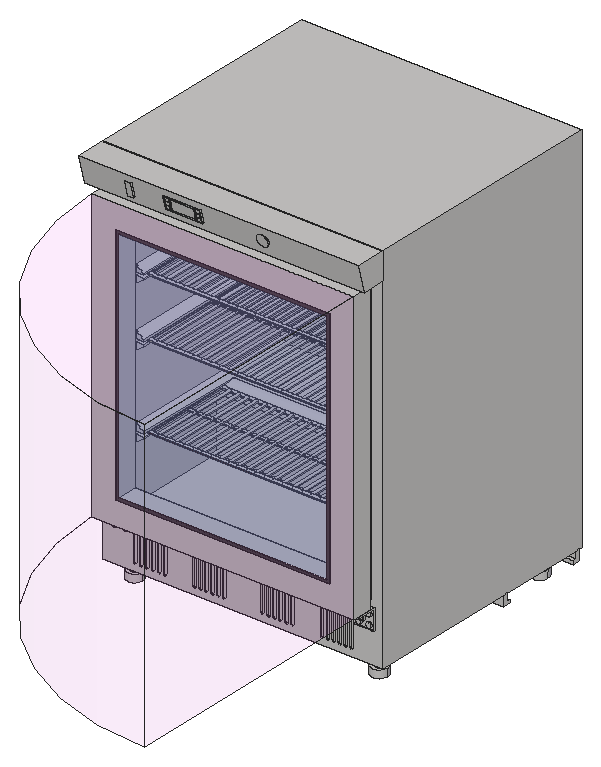
Revit family "QF_Kelvinator_738326_KCHUCGD23F", category Specialty Equipment, Revit 2021
Family settings
  Round Connector Dimension = Use Diameter
  Part Type = Normal
  Work Plane-Based = No
  Always vertical = Yes
  Cut with Voids When Loaded = No
  Shared = No
  Room Calculation Point = No
Parameters
  Weight in Pounds = 114.64
  Weight = 52.00 lbm
  Watts = 0 W
  Volts = 115 V
  URL Manufacturer = "KELVINATOR"
  URL Cutsheet = ""
  URL = "KELVINATOR"
  Specification by User = ""
  Specification by Manufacturer = ""
  Serial Number = ""
  Seismic Rating = ""
  SMACNA No = ""
  Revision Code = ""
  Refrigerant Type = "R290"
  Phase = 1
  Number of Poles = 1
  NAFEM Spec ID Number = ""
  Model = "KCHUCGD23F"
  Min Ckt Ampacity = 0 A
  Max Overcurrent Protection = 0 A
  Masterspec = ""
  Manufacturer = "Kelvinator"
  Length Actual = 600"
  Length = 23 5/8"
  Item Number = "738326"
  Installed By = ""
  Identify Quantity as Lot = yes
  Height Actual = 839"
  Height = 33 1/16"
  HP = "0.9 HP"
  Gas KW = 0
  Furnished By = ""
  Foodservice Equipment Identifier = yes
  FL Amps = 5.5 A
  Electrical Remarks = ""
  Electric Connection Type = ""
  Elec Conn RI Height = 0"
  Elec Conn Connection Height = 0"
  Description = "1-GLASS DOOR ADA HEIGHT UNDER COUNTER FREEZER 24\" LONG"
  Depth Actual = 595"
  Depth = 23 7/16"
  Default Elevation = 0"
  Cycle = 60 Hz
  Conn Plug = "NEMA 5-15P"
  Conn Conduit = yes
  CSI MasterFormat = ""
  Apparent Power = 0 VA
  Accessory = no
Reference planes (in)
  plane 1 "BACK": y = 0
  plane 2: z = 0
  plane 3 "LEFT": x = 0
  plane 4 "RIGHT": x = 23.625
  plane 5 "FRONT": y = -23.4375
  plane 6 "TOP": z = 33.0625
  plane 7 "Center Y": x = 11.8125
  plane 8 "Center X": y = -11.71875
Dimensions and locks (in)
  equal spacing: plane 3 "LEFT", plane 7 "Center Y", plane 4 "RIGHT"
  "Length": plane 3 "LEFT" to plane 4 "RIGHT"
  equal spacing: plane 5 "FRONT", plane 8 "Center X", plane 1 "BACK"
  "Depth": plane 5 "FRONT" to plane 1 "BACK"
  "Height": plane 6 "TOP" to level
  aligned and locked: level to plane 2
Nested families (in)
  nested 1: "KCHRI25R1DRE" at (0, 0, 0), type "KCHRI25R1DRE"
    with Show Clearance yes
Connectors (in)
  electrical at (11.8125, 0.13, 2.5), driven by "Volts", driven by "Watts"
    settings: on nested 1, index 1, voltage 115 V, apparent load 0 VA, apparent load phase1 0 VA, apparent load phase2 0 VA, apparent load phase3 0 VA, power factor 1, load classification "Other", number of poles 1, system type 30, power factor state 1, is connector primary yes, connector utility no, sub classification motor no, connector description ""
Definition of nested family "KCHRI25R1DRE"
  Parameters (values of type "KCHRI25R1DRE")
    Weight in Pounds = 0
    URL Cutsheet = ""
    Specification by User = ""
    Specification by Manufacturer = ""
    Show Clearance [instance] = yes
    Serial Number = ""
    Seismic Rating = ""
    SMACNA No = ""
    Revision Code = ""
    NAFEM Spec ID Number = ""
    Masterspec = ""
    Length = 23 5/8"
    Item Number = ""
    Installed By = ""
    Identify Quantity as Lot = yes
    Height = 33 1/16"
    Furnished By = ""
    Foodservice Equipment Identifier = yes
    Depth = 23 7/16"
    Default Elevation = 0"
    CSI MasterFormat = ""
  Reference planes (in)
    plane 1 "BACK": y = 0
    plane 2: z = 0
    plane 3 "LEFT": x = 0
    plane 4 "RIGHT": x = 23.625
    plane 5 "FRONT": y = -23.4375
    plane 6 "TOP": z = 33.0625
    plane 7 "Center Y": x = 11.8125
    plane 8 "Center X": y = -11.71875
    plane 9: y = -45.07
    plane 10: z = 30.79125
    plane 11: z = 2
    plane 12: y = -20.9
    plane 13: through (0, -24.0379, 35.3373) normal (0, 0.9659, 0.2588)
  Forms (in)
    Extrusion 1, solid
      sketch origin (0, 0, 0) x (0, 1, 0) y (0, 0, 1)
        loop
          line (-20.9, 33.0625) -> (-20.9, 1.5) -> (0, 1.5) -> (0, 33.0625) -> (-20.9, 33.0625)
      from 0 to 23.625
    Extrusion 2, solid
      sketch origin (0, -24.06166, 35.42598) x (0, -0.258819, 0.965926) y (1, 0, 0)
        loop
          line (-3.01321, 6.99749) -> (-3.01321, 10.1471) -> (-4.19431, 10.1471) -> (-4.19431, 6.99749) -> (-3.01321, 6.99749)
        loop
          line (-3.08986, 7.07623) -> (-3.08986, 7.46993) -> (-3.409, 7.46993) -> (-3.409, 7.07623) -> (-3.08986, 7.07623)
        loop
          line (-3.44419, 7.07623) -> (-3.44419, 7.46993) -> (-3.76333, 7.46993) -> (-3.76333, 7.07623) -> (-3.44419, 7.07623)
        loop
          line (-3.79852, 7.07623) -> (-3.79852, 7.46993) -> (-4.11766, 7.46993) -> (-4.11766, 7.07623) -> (-3.79852, 7.07623)
        loop
          line (-3.08986, 10.06836) -> (-3.409, 10.06836) -> (-3.409, 9.67466) -> (-3.08986, 9.67466) -> (-3.08986, 10.06836)
        loop
          line (-3.44419, 10.06836) -> (-3.76333, 10.06836) -> (-3.76333, 9.67466) -> (-3.44419, 9.67466) -> (-3.44419, 10.06836)
        loop
          line (-3.79852, 10.06836) -> (-4.11766, 10.06836) -> (-4.11766, 9.67466) -> (-3.79852, 9.67466) -> (-3.79852, 10.06836)
        loop
          line (-3.08986, 7.54742) -> (-3.08986, 9.59717) -> (-4.11377, 9.59717) -> (-4.11377, 7.54742) -> (-3.08986, 7.54742)
      from -0.01273 to -0.07874
    Extrusion 3, solid
      sketch origin (0, -24.06217, 35.42785) x (0, -0.258819, 0.965926) y (1, 0, 0)
        loop
          line (-3.08986, 9.67466) -> (-3.08986, 10.06836) -> (-3.409, 10.06836) -> (-3.409, 9.67466) -> (-3.08986, 9.67466)
        loop
          line (-3.44419, 9.67466) -> (-3.44419, 10.06836) -> (-3.76333, 10.06836) -> (-3.76333, 9.67466) -> (-3.44419, 9.67466)
        loop
          line (-3.79852, 9.67466) -> (-3.79852, 10.06836) -> (-4.11766, 10.06836) -> (-4.11766, 9.67466) -> (-3.79852, 9.67466)
        loop
          line (-3.08986, 7.46993) -> (-3.409, 7.46993) -> (-3.409, 7.07623) -> (-3.08986, 7.07623) -> (-3.08986, 7.46993)
        loop
          line (-3.44419, 7.46993) -> (-3.76333, 7.46993) -> (-3.76333, 7.07623) -> (-3.44419, 7.07623) -> (-3.44419, 7.46993)
        loop
          line (-3.79852, 7.46993) -> (-4.11766, 7.46993) -> (-4.11766, 7.07623) -> (-3.79852, 7.07623) -> (-3.79852, 7.46993)
      from 0 to -0.07874
    Extrusion 4, solid
      sketch origin (0, -24.06217, 35.42785) x (0, -0.258819, 0.965926) y (1, 0, 0)
        loop
          line (-3.08986, 7.54742) -> (-3.08986, 9.59717) -> (-4.11377, 9.59717) -> (-4.11377, 7.54742) -> (-3.08986, 7.54742)
      from 0 to -0.07874
    Extrusion 5, solid
      sketch origin (0, 0, -4.4425) x (0, 1, 0) y (0, 0, 1)
        loop
          line (-20.9, 37.505) -> (-23.4375, 37.505) -> (-22.83729, 35.23375) -> (-20.9, 35.23375) -> (-20.9, 37.505)
      from 0 to 23.625
    Extrusion 6, solid
      sketch origin (0, -23.71438, 34.12989) x (0, -0.258819, 0.965926) y (1, 0, 0)
        loop
          line (-1.71796, 3.80686) -> (-1.71796, 4.30686) -> (-2.96796, 4.30686) -> (-2.96796, 3.80686) -> (-1.71796, 3.80686)
        loop
          circle (-2.26997, 15.28125) r 0.5
      from -0.07874 to -0.01273
    Extrusion 7, void
      sketch origin (0, -20.9, 1.75) x (0, 0, -1) y (-1, 0, 0)
        loop
          line (-0.5, -2.59375) -> (-3.3125, -2.59375)
          arc (-3.3125, -2.59375) -> (-3.47585, -2.7571) -> (-3.3125, -2.92044) r 0.16335
          line (-3.3125, -2.92044) -> (-0.5, -2.92044)
          arc (-0.5, -2.92044) -> (-0.33665, -2.7571) -> (-0.5, -2.59375) r 0.16335
        loop
          line (-0.5, -3.09375) -> (-3.3125, -3.09375)
          arc (-3.3125, -3.09375) -> (-3.47585, -3.2571) -> (-3.3125, -3.42044) r 0.16335
          line (-3.3125, -3.42044) -> (-0.5, -3.42044)
          arc (-0.5, -3.42044) -> (-0.33665, -3.2571) -> (-0.5, -3.09375) r 0.16335
        loop
          line (-0.5, -3.59375) -> (-3.3125, -3.59375)
          arc (-3.3125, -3.59375) -> (-3.47585, -3.7571) -> (-3.3125, -3.92044) r 0.16335
          line (-3.3125, -3.92044) -> (-0.5, -3.92044)
          arc (-0.5, -3.92044) -> (-0.33665, -3.7571) -> (-0.5, -3.59375) r 0.16335
        loop
          line (-0.5, -4.09375) -> (-3.3125, -4.09375)
          arc (-3.3125, -4.09375) -> (-3.47585, -4.2571) -> (-3.3125, -4.42044) r 0.16335
          line (-3.3125, -4.42044) -> (-0.5, -4.42044)
          arc (-0.5, -4.42044) -> (-0.33665, -4.2571) -> (-0.5, -4.09375) r 0.16335
        loop
          line (-0.5, -4.59375) -> (-3.3125, -4.59375)
          arc (-3.3125, -4.59375) -> (-3.47585, -4.7571) -> (-3.3125, -4.92044) r 0.16335
          line (-3.3125, -4.92044) -> (-0.5, -4.92044)
          arc (-0.5, -4.92044) -> (-0.33665, -4.7571) -> (-0.5, -4.59375) r 0.16335
        loop
          line (-0.5, -5.09375) -> (-3.3125, -5.09375)
          arc (-3.3125, -5.09375) -> (-3.47585, -5.2571) -> (-3.3125, -5.42044) r 0.16335
          line (-3.3125, -5.42044) -> (-0.5, -5.42044)
          arc (-0.5, -5.42044) -> (-0.33665, -5.2571) -> (-0.5, -5.09375) r 0.16335
        loop
          line (-0.5, -7.59375) -> (-3.3125, -7.59375)
          arc (-3.3125, -7.59375) -> (-3.47585, -7.7571) -> (-3.3125, -7.92044) r 0.16335
          line (-3.3125, -7.92044) -> (-0.5, -7.92044)
          arc (-0.5, -7.92044) -> (-0.33665, -7.7571) -> (-0.5, -7.59375) r 0.16335
        loop
          line (-0.5, -8.09375) -> (-3.3125, -8.09375)
          arc (-3.3125, -8.09375) -> (-3.47585, -8.2571) -> (-3.3125, -8.42044) r 0.16335
          line (-3.3125, -8.42044) -> (-0.5, -8.42044)
          arc (-0.5, -8.42044) -> (-0.33665, -8.2571) -> (-0.5, -8.09375) r 0.16335
        loop
          line (-0.5, -8.59375) -> (-3.3125, -8.59375)
          arc (-3.3125, -8.59375) -> (-3.47585, -8.7571) -> (-3.3125, -8.92044) r 0.16335
          line (-3.3125, -8.92044) -> (-0.5, -8.92044)
          arc (-0.5, -8.92044) -> (-0.33665, -8.7571) -> (-0.5, -8.59375) r 0.16335
        loop
          line (-0.5, -9.09375) -> (-3.3125, -9.09375)
          arc (-3.3125, -9.09375) -> (-3.47585, -9.2571) -> (-3.3125, -9.42044) r 0.16335
          line (-3.3125, -9.42044) -> (-0.5, -9.42044)
          arc (-0.5, -9.42044) -> (-0.33665, -9.2571) -> (-0.5, -9.09375) r 0.16335
        loop
          line (-0.5, -9.59375) -> (-3.3125, -9.59375)
          arc (-3.3125, -9.59375) -> (-3.47585, -9.7571) -> (-3.3125, -9.92044) r 0.16335
          line (-3.3125, -9.92044) -> (-0.5, -9.92044)
          arc (-0.5, -9.92044) -> (-0.33665, -9.7571) -> (-0.5, -9.59375) r 0.16335
        loop
          line (-0.5, -10.09375) -> (-3.3125, -10.09375)
          arc (-3.3125, -10.09375) -> (-3.47585, -10.2571) -> (-3.3125, -10.42044) r 0.16335
          line (-3.3125, -10.42044) -> (-0.5, -10.42044)
          arc (-0.5, -10.42044) -> (-0.33665, -10.2571) -> (-0.5, -10.09375) r 0.16335
        loop
          arc (-0.5, -21.15625) -> (-0.33665, -20.9929) -> (-0.5, -20.82956) r 0.16335
          line (-0.5, -20.82956) -> (-3.3125, -20.82956)
          arc (-3.3125, -20.82956) -> (-3.47585, -20.9929) -> (-3.3125, -21.15625) r 0.16335
          line (-3.3125, -21.15625) -> (-0.5, -21.15625)
        loop
          arc (-0.5, -20.65625) -> (-0.33665, -20.4929) -> (-0.5, -20.32956) r 0.16335
          line (-0.5, -20.32956) -> (-3.3125, -20.32956)
          arc (-3.3125, -20.32956) -> (-3.47585, -20.4929) -> (-3.3125, -20.65625) r 0.16335
          line (-3.3125, -20.65625) -> (-0.5, -20.65625)
        loop
          arc (-0.5, -20.15625) -> (-0.33665, -19.9929) -> (-0.5, -19.82956) r 0.16335
          line (-0.5, -19.82956) -> (-3.3125, -19.82956)
          arc (-3.3125, -19.82956) -> (-3.47585, -19.9929) -> (-3.3125, -20.15625) r 0.16335
          line (-3.3125, -20.15625) -> (-0.5, -20.15625)
        loop
          arc (-0.5, -19.65625) -> (-0.33665, -19.4929) -> (-0.5, -19.32956) r 0.16335
          line (-0.5, -19.32956) -> (-3.3125, -19.32956)
          arc (-3.3125, -19.32956) -> (-3.47585, -19.4929) -> (-3.3125, -19.65625) r 0.16335
          line (-3.3125, -19.65625) -> (-0.5, -19.65625)
        loop
          arc (-0.5, -19.15625) -> (-0.33665, -18.9929) -> (-0.5, -18.82956) r 0.16335
          line (-0.5, -18.82956) -> (-3.3125, -18.82956)
          arc (-3.3125, -18.82956) -> (-3.47585, -18.9929) -> (-3.3125, -19.15625) r 0.16335
          line (-3.3125, -19.15625) -> (-0.5, -19.15625)
        loop
          arc (-0.5, -18.65625) -> (-0.33665, -18.4929) -> (-0.5, -18.32956) r 0.16335
          line (-0.5, -18.32956) -> (-3.3125, -18.32956)
          arc (-3.3125, -18.32956) -> (-3.47585, -18.4929) -> (-3.3125, -18.65625) r 0.16335
          line (-3.3125, -18.65625) -> (-0.5, -18.65625)
        loop
          arc (-0.5, -16.15625) -> (-0.33665, -15.9929) -> (-0.5, -15.82956) r 0.16335
          line (-0.5, -15.82956) -> (-3.3125, -15.82956)
          arc (-3.3125, -15.82956) -> (-3.47585, -15.9929) -> (-3.3125, -16.15625) r 0.16335
          line (-3.3125, -16.15625) -> (-0.5, -16.15625)
        loop
          arc (-0.5, -15.65625) -> (-0.33665, -15.4929) -> (-0.5, -15.32956) r 0.16335
          line (-0.5, -15.32956) -> (-3.3125, -15.32956)
          arc (-3.3125, -15.32956) -> (-3.47585, -15.4929) -> (-3.3125, -15.65625) r 0.16335
          line (-3.3125, -15.65625) -> (-0.5, -15.65625)
        loop
          arc (-0.5, -15.15625) -> (-0.33665, -14.9929) -> (-0.5, -14.82956) r 0.16335
          line (-0.5, -14.82956) -> (-3.3125, -14.82956)
          arc (-3.3125, -14.82956) -> (-3.47585, -14.9929) -> (-3.3125, -15.15625) r 0.16335
          line (-3.3125, -15.15625) -> (-0.5, -15.15625)
        loop
          arc (-0.5, -14.65625) -> (-0.33665, -14.4929) -> (-0.5, -14.32956) r 0.16335
          line (-0.5, -14.32956) -> (-3.3125, -14.32956)
          arc (-3.3125, -14.32956) -> (-3.47585, -14.4929) -> (-3.3125, -14.65625) r 0.16335
          line (-3.3125, -14.65625) -> (-0.5, -14.65625)
        loop
          arc (-0.5, -14.15625) -> (-0.33665, -13.9929) -> (-0.5, -13.82956) r 0.16335
          line (-0.5, -13.82956) -> (-3.3125, -13.82956)
          arc (-3.3125, -13.82956) -> (-3.47585, -13.9929) -> (-3.3125, -14.15625) r 0.16335
          line (-3.3125, -14.15625) -> (-0.5, -14.15625)
        loop
          arc (-0.5, -13.65625) -> (-0.33665, -13.4929) -> (-0.5, -13.32956) r 0.16335
          line (-0.5, -13.32956) -> (-3.3125, -13.32956)
          arc (-3.3125, -13.32956) -> (-3.47585, -13.4929) -> (-3.3125, -13.65625) r 0.16335
          line (-3.3125, -13.65625) -> (-0.5, -13.65625)
      from 0 to 0.03
    Extrusion 8, solid
      sketch origin (0, 0, 0) x (0, 1, 0) y (0, 0, 1)
        loop
          line (-0.25, 1.5) -> (-0.55, 1.5) -> (-0.55, 0.9) -> (-0.85, 0.9) -> (-0.85, 0.6) -> (-0.25, 0.6) -> (-0.25, 1.5)
        loop
          line (-8.15042, 1.5) -> (-8.15042, 0.6) -> (-7.55042, 0.6) -> (-7.55042, 0.9) -> (-7.85042, 0.9) -> (-7.85042, 1.5) -> (-8.15042, 1.5)
      from 0 to 23.625
    Extrusion 9, solid
      sketch origin (11.8125, 6.90541, 48.75) x (0, 1, 0) y (0, 0, 1)
        loop
          line (-28.19541, -18.9375) -> (-28.19541, -42.37723) -> (-27.80541, -42.37723) -> (-27.80541, -18.9375) -> (-28.19541, -18.9375)
      from -10.75 to 10.75
    Extrusion 10, solid
      sketch origin (23.225, -180, 5.74631) x (0, 0, 1) y (0, -1, 0)
        loop
          arc (0.13369, -157.43003) -> (0.06869, -157.36503) -> (0.00369, -157.43003) r 0.065
          line (0.00369, -157.43003) -> (0.00369, -158.97) -> (-1.53049, -158.97)
          arc (-1.53049, -158.97) -> (-1.59549, -159.035) -> (-1.53049, -159.1) r 0.065
          line (-1.53049, -159.1) -> (0.13369, -159.1) -> (0.13369, -157.43003)
      from -0.28875 to -1.93696
    Extrusion 11, solid
      sketch origin (23.225, -21.03, 5.88) x (0, 0, -1) y (1, 0, 0)
        loop
          circle (0.48805, -0.65854) r 0.19641
        loop
          circle (0.48805, -1.51195) r 0.2
        loop
          circle (1.33739, -0.65854) r 0.2
        loop
          circle (1.33739, -1.51195) r 0.2
        loop
          line (1.13, -1.16094) -> (1.13, -1.06477) -> (0.13, -1.06477) -> (0.13, -1.16094) -> (1.13, -1.16094)
      from 0 to 0.0825
    Extrusion 12, solid
      sketch origin (0, -20.9, 2.25) x (0, 0, 1) y (-1, 0, 0)
        loop
          circle (3.14195, -1.05854) r 0.19641
        loop
          circle (3.14195, -1.91195) r 0.2
        loop
          circle (2.29261, -1.05854) r 0.2
        loop
          circle (2.29261, -1.91195) r 0.2
      from 0 to 0.0825
    Revolve 13, solid
      sketch origin (0, -19.42, 1.5) x (0, 0, 1) y (1, 0, 0)
        loop
          line (0, 22.125) -> (0, 22.4375) -> (-0.9, 22.4375) -> (-0.9, 22.8125) -> (-1.5, 22.8125) -> (-1.5, 22.125) -> (0, 22.125)
        axis (-1.5, 22.125) -> (0, 22.125)
      angle from 0 to 360
    Revolve 14, solid
      sketch origin (23.625, -19.42, 1.5) x (0, 0, 1) y (1, 0, 0)
        loop
          line (0, -22.125) -> (-1.5, -22.125) -> (-1.5, -22.8125) -> (-0.9, -22.8125) -> (-0.9, -22.4375) -> (0, -22.4375) -> (0, -22.125)
        axis (-1.5, -22.125) -> (0, -22.125)
      angle from 0 to 360
    Revolve 15, solid
      sketch origin (0, -2.5, 1.5) x (0, 0, 1) y (-1, 0, 0)
        loop
          line (0, -22.125) -> (-1.5, -22.125) -> (-1.5, -22.8125) -> (-0.9, -22.8125) -> (-0.9, -22.4375) -> (0, -22.4375) -> (0, -22.125)
        axis (-1.5, -22.125) -> (0, -22.125)
      angle from 0 to 360
    Revolve 16, solid
      sketch origin (23.625, -2.5, 1.5) x (0, 0, 1) y (-1, 0, 0)
        loop
          line (0, 22.125) -> (0, 22.4375) -> (-0.9, 22.4375) -> (-0.9, 22.8125) -> (-1.5, 22.8125) -> (-1.5, 22.125) -> (0, 22.125)
        axis (-1.5, 22.125) -> (0, 22.125)
      angle from 0 to 360
    Extrusion 17, void
      sketch origin (11.8125, -14.38459, 53.88) x (0, 1, 0) y (0, 0, 1)
        loop
          line (-6.90541, -23.08875) -> (-6.90541, -47.71375) -> (2.66584, -47.71375) -> (2.66584, -43.12311)
          arc (2.66584, -43.12311) -> (2.95874, -42.416) -> (3.66584, -42.12311) r 1
          line (3.66584, -42.12311) -> (9.42209, -42.12311) -> (9.42209, -23.08875) -> (-6.90541, -23.08875)
      from -9.66 to 9.66
    Extrusion 18, solid
      sketch origin (2.1525, -14.38459, 53.88) x (0, 1, 0) y (0, 0, 1)
        loop
          line (-6.51541, -23.08875) -> (-6.51541, -24.33875) -> (-6.26541, -24.33875) -> (-6.26541, -23.08875) -> (-6.51541, -23.08875)
        loop
          line (-6.51541, -47.71375) -> (-6.26541, -47.71375) -> (-6.26541, -46.46375) -> (-6.51541, -46.46375) -> (-6.51541, -47.71375)
      from 0 to 19.32
    Extrusion 19, solid
      sketch origin (11.8125, -4.9625, 30.79125) x (0, 0, -1) y (1, 0, 0)
        loop
          line (7.41428, -8.95343) -> (7.41428, -9.66) -> (8.02056, -9.66) -> (7.54397, -8.95343) -> (7.41428, -8.95343)
        loop
          line (7.1582, -8.95343) -> (7.02851, -8.95343) -> (6.55192, -9.66) -> (7.1582, -9.66) -> (7.1582, -8.95343)
        loop
          line (12.41428, -8.95343) -> (12.41428, -9.66) -> (13.02056, -9.66) -> (12.54397, -8.95343) -> (12.41428, -8.95343)
        loop
          line (12.1582, -8.95343) -> (12.02851, -8.95343) -> (11.55192, -9.66) -> (12.1582, -9.66) -> (12.1582, -8.95343)
        loop
          line (19.41428, -8.95343) -> (19.41428, -9.66) -> (20.02056, -9.66) -> (19.54397, -8.95343) -> (19.41428, -8.95343)
        loop
          line (19.1582, -8.95343) -> (19.02851, -8.95343) -> (18.55192, -9.66) -> (19.1582, -9.66) -> (19.1582, -8.95343)
        loop
          line (7.41428, 8.95343) -> (7.54397, 8.95343) -> (8.02056, 9.66) -> (7.41428, 9.66) -> (7.41428, 8.95343)
        loop
          line (7.1582, 8.95343) -> (7.1582, 9.66) -> (6.55192, 9.66) -> (7.02851, 8.95343) -> (7.1582, 8.95343)
        loop
          line (12.41428, 8.95343) -> (12.54397, 8.95343) -> (13.02056, 9.66) -> (12.41428, 9.66) -> (12.41428, 8.95343)
        loop
          line (12.1582, 8.95343) -> (12.1582, 9.66) -> (11.55192, 9.66) -> (12.02851, 8.95343) -> (12.1582, 8.95343)
        loop
          line (19.41428, 8.95343) -> (19.54397, 8.95343) -> (20.02056, 9.66) -> (19.41428, 9.66) -> (19.41428, 8.95343)
        loop
          line (19.1582, 8.95343) -> (19.1582, 9.66) -> (18.55192, 9.66) -> (19.02851, 8.95343) -> (19.1582, 8.95343)
      from 0 to 15.20871
    Extrusion 20, solid
      sketch origin (0, 0, 33.0625) x (0, 0, -1) y (-1, 0, 0)
        loop
          circle (30.5625, -11.8125) r 0.25
      from 0 to 0.13
  Cuts and joins
    Extrusion 7 cuts Extrusion 5
    Extrusion 7, Extrusion 17 cuts Extrusion 1
    joined: Extrusion 1, Extrusion 18, Extrusion 19
    Extrusion 17 cuts Extrusion 9
  Lines and regions (in)
    symbolic lines
      curve 1: line (0, -23.4375, 0) -> (0, 0, 0)
      curve 2: line (23.625, 0, 0) -> (0, 0, 0)
      curve 3: line (23.625, -23.4375, 0) -> (23.625, 0, 0)
      curve 4: line (23.625, -20.9, 0) -> (0, -20.9, 0)
      curve 5: line (0, -23.4375, 0) -> (23.625, -23.4375, 0)
      curve 6: line (3.80686, -23.4975, 0) -> (4.30686, -23.4975, 0)
      curve 7: line (4.30686, -23.4975, 0) -> (4.30686, -23.4375, 0)
      curve 8: line (3.80686, -23.4975, 0) -> (3.80686, -23.4375, 0)
      curve 9: line (6.65374, -23.48352, 0) -> (9.80335, -23.48352, 0)
      curve 10: line (9.80335, -23.48352, 0) -> (9.80335, -23.4375, 0)
      curve 11: line (6.65374, -23.48352, 0) -> (6.65374, -23.4375, 0)
      curve 12: line (11.3125, -23.4975, 0) -> (12.3125, -23.4975, 0)
      curve 13: line (12.3125, -23.4975, 0) -> (12.3125, -23.4375, 0)
      curve 14: line (11.3125, -23.4975, 0) -> (11.3125, -23.4375, 0)
  Dimensions and locks (in)
    equal spacing: plane 3 "LEFT", plane 7 "Center Y", plane 4 "RIGHT"
    "Length": plane 3 "LEFT" to plane 4 "RIGHT"
    equal spacing: plane 5 "FRONT", plane 8 "Center X", plane 1 "BACK"
    "Depth": plane 5 "FRONT" to plane 1 "BACK"
    "Height": plane 6 "TOP" to level
    plane 9 to plane 1 "BACK" = 45.07"
    plane 6 "TOP" to level = 33 1/16"
    plane 5 "FRONT" to plane 1 "BACK" = 23 7/16"
    plane 12 to plane 1 "BACK" = 20.9"
    aligned and locked: level to plane 2
    aligned and locked: Extrusion 8 to plane 4 "RIGHT"
  Automatic sketch dimensions
    Extrusion 1 sketch curve to plane 12 = 0"
    Extrusion 1 sketch curve to plane 1 "BACK" = 0"
    Extrusion 1 sketch curve to plane 6 "TOP" = 0"
    level to Extrusion 1 sketch curve = 1 1/2"
    Extrusion 2 sketch curve to plane 7 "Center Y" = 4.81501"
    Extrusion 2 sketch curve to Extrusion 2 sketch curve = 0.07665"  (x3)
    Extrusion 2 sketch curve to Extrusion 2 sketch curve = 1/256"
    Extrusion 2 sketch curve to Extrusion 2 sketch curve = 0.31914"  (x6)
    Extrusion 2 sketch curve to Extrusion 2 sketch curve = 0.03519"  (x4)
    Extrusion 2 sketch curve to Extrusion 2 sketch curve = 0"  (x7)
    Extrusion 2 sketch curve to Extrusion 2 sketch curve = 0.07874"  (x3)
    Extrusion 2 sketch curve to Extrusion 2 sketch curve = 0.3937"  (x2)
    Extrusion 2 sketch curve to Extrusion 2 sketch curve = 0.07748"  (x3)
    Extrusion 2 sketch curve to Extrusion 2 sketch curve = 2.04976"
    Extrusion 3 sketch curve to plane 7 "Center Y" = 4.73627"
    Extrusion 3 sketch curve to Extrusion 3 sketch curve = 0"  (x9)
    Extrusion 3 sketch curve to Extrusion 3 sketch curve = 0.31914"  (x6)
    Extrusion 3 sketch curve to Extrusion 3 sketch curve = 0.03519"  (x4)
    Extrusion 3 sketch curve to Extrusion 3 sketch curve = 0.3937"  (x2)
    Extrusion 3 sketch curve to plane 7 "Center Y" = 2.13784"
    Extrusion 4 sketch curve to plane 7 "Center Y" = 4.26508"
    Extrusion 4 sketch curve to Extrusion 4 sketch curve = 1.02391"
    Extrusion 4 sketch curve to Extrusion 4 sketch curve = 2.04976"
    plane 3 "LEFT" to Extrusion 6 sketch curve = 4.30686"
    plane 7 "Center Y" to Extrusion 6 sketch curve = 3 15/32"
    Extrusion 6 sketch curve to Extrusion 6 sketch curve = 0.69799"
    Extrusion 6 sketch curve to Extrusion 6 sketch curve = 1 1/4"
    Extrusion 6 sketch curve to Extrusion 6 sketch curve = 1/2"
    plane 3 "LEFT" to Extrusion 7 sketch curve = 2 19/32"
    level to Extrusion 7 sketch curve = 5 1/16"  (x2)
    plane 7 "Center Y" to Extrusion 7 sketch curve = 1.6804"
    Extrusion 7 sketch curve to Extrusion 7 sketch curve = 0"  (x42)
    Extrusion 7 sketch curve to Extrusion 7 sketch curve = 2 13/16"  (x4)
    Extrusion 7 sketch curve to Extrusion 7 sketch curve = 0.16335"  (x23)
    Extrusion 7 sketch curve to Extrusion 7 sketch curve = 0.17331"  (x20)
    Extrusion 7 sketch curve to Extrusion 7 sketch curve = 2.17331"  (x2)
    Extrusion 7 sketch curve to plane 7 "Center Y" = 1.39206"
    level to Extrusion 8 sketch curve = 1 1/2"  (x2)
    plane 8 "Center X" to Extrusion 8 sketch curve = 3.56833"
    Extrusion 8 sketch curve to Extrusion 8 sketch curve = 0.3"  (x5)
    plane 1 "BACK" to Extrusion 8 sketch curve = 0.85"
    plane 1 "BACK" to Extrusion 8 sketch curve = 1/4"
    Extrusion 8 sketch curve to Extrusion 8 sketch curve = 0.6"  (x2)
    Extrusion 9 sketch curve to plane 12 = 0"
    Extrusion 9 sketch curve to Extrusion 9 sketch curve = 0.39"
    level to Extrusion 9 sketch curve = 6.37277"
    Extrusion 9 sketch curve to plane 6 "TOP" = 3 1/4"
    Extrusion 10 sketch curve to plane 12 = 0"
    Extrusion 10 sketch curve to plane 12 = 0.13"
    level to Extrusion 10 sketch curve = 4.21581"
    Extrusion 10 sketch curve to Extrusion 10 sketch curve = 1.53419"
    Extrusion 10 sketch curve to Extrusion 10 sketch curve = 0.065"
    Extrusion 10 sketch curve to plane 5 "FRONT" = 0.86753"
    Extrusion 11 sketch curve to Extrusion 10 = 0"
    Extrusion 10 to Extrusion 11 sketch curve = 0.35805"  (x2)
    Extrusion 11 sketch curve to Extrusion 10 = 0.53419"
    Extrusion 11 sketch curve to Extrusion 10 = 0.3268"  (x2)
    Extrusion 10 to Extrusion 11 sketch curve = 0.42502"  (x2)
    Extrusion 11 sketch curve to Extrusion 11 sketch curve = 0.351"
    Extrusion 11 sketch curve to Extrusion 11 sketch curve = 0.09617"
    Extrusion 10 to Extrusion 11 sketch curve = 0.36979"  (x2)
    Extrusion 1 to Extrusion 12 sketch curve = 1.05854"
    Extrusion 12 sketch curve to Extrusion 1 = 3.04261"
    Extrusion 12 sketch curve to Extrusion 12 sketch curve = 0"  (x3)
    Extrusion 12 sketch curve to Extrusion 12 sketch curve = 0.84934"  (x2)
    Extrusion 12 sketch curve to Extrusion 12 sketch curve = 0.8534"
    Revolve 13 sketch curve to level = 0"  (x2)
    level to Revolve 13 sketch curve = 0.6"
    Revolve 13 sketch curve to Revolve 13 sketch curve = 0.9"
    plane 4 "RIGHT" to Revolve 13 sketch curve = 1 1/2"
    Revolve 13 sketch curve to Revolve 13 sketch curve = 5/16"
    Revolve 13 sketch curve to Revolve 13 sketch curve = 11/16"
    Revolve 13 sketch curve to Revolve 13 sketch curve = 0.36907"
    Revolve 13 sketch curve to Revolve 13 sketch curve = 0"
    Revolve 14 sketch curve to level = 0"  (x2)
    level to Revolve 14 sketch curve = 0.6"
    Revolve 14 sketch curve to Revolve 14 sketch curve = 0.9"
    plane 3 "LEFT" to Revolve 14 sketch curve = 13/16"
    Revolve 14 sketch curve to Revolve 14 sketch curve = 3/8"
    Revolve 14 sketch curve to Revolve 14 sketch curve = 5/16"
    Revolve 14 sketch curve to Revolve 14 sketch curve = 0.36907"
    Revolve 14 sketch curve to Revolve 14 sketch curve = 0"
    Revolve 15 sketch curve to level = 0"  (x2)
    level to Revolve 15 sketch curve = 0.6"
    Revolve 15 sketch curve to Revolve 15 sketch curve = 0.9"
    plane 4 "RIGHT" to Revolve 15 sketch curve = 13/16"
    Revolve 15 sketch curve to Revolve 15 sketch curve = 3/8"
    Revolve 15 sketch curve to Revolve 15 sketch curve = 5/16"
    Revolve 15 sketch curve to Revolve 15 sketch curve = 0.36907"
    Revolve 15 sketch curve to Revolve 15 sketch curve = 0"
    Revolve 16 sketch curve to level = 0"  (x2)
    level to Revolve 16 sketch curve = 0.6"
    Revolve 16 sketch curve to Revolve 16 sketch curve = 0.9"
    plane 3 "LEFT" to Revolve 16 sketch curve = 1 1/2"
    Revolve 16 sketch curve to Revolve 16 sketch curve = 5/16"
    Revolve 16 sketch curve to Revolve 16 sketch curve = 11/16"
    Revolve 16 sketch curve to Revolve 16 sketch curve = 0.36907"
    Revolve 16 sketch curve to Revolve 16 sketch curve = 0"
    plane 1 "BACK" to curve 1 = 0"
    curve 1 to plane 3 "LEFT" = 0"
    plane 5 "FRONT" to curve 8 = 0"
    curve 3 to plane 4 "RIGHT" = 0"
    curve 4 to plane 12 = 0"
    plane 5 "FRONT" to curve 6 = 0.06"
    plane 3 "LEFT" to curve 6 = 3.80686"
    curve 6 to curve 7 = 1/2"
    plane 5 "FRONT" to curve 9 = 0.04602"
    curve 6 to curve 9 = 2.34688"
    curve 10 to plane 7 "Center Y" = 2.00915"
    plane 5 "FRONT" to curve 14 = 0.06"
    curve 14 to plane 7 "Center Y" = 1/2"
    plane 7 "Center Y" to curve 13 = 1/2"
    Extrusion 5 sketch curve to plane 5 "FRONT" = 0"
    Extrusion 5 sketch curve to plane 10 = 0"
    Extrusion 5 sketch curve to plane 6 "TOP" = 0"
    Extrusion 5 sketch curve to plane 12 = 0"
    Extrusion 5 sketch curve to plane 5 "FRONT" = 0.60021"
    Extrusion 17 sketch curve to plane 10 = 0"
    Extrusion 17 sketch curve to plane 12 = 0.39"
    Extrusion 17 sketch curve to plane 8 "Center X" = 0"
    Extrusion 17 sketch curve to Extrusion 17 sketch curve = 1"
    plane 1 "BACK" to Extrusion 17 sketch curve = 4.9625"
    level to Extrusion 17 sketch curve = 11.75689"
    level to Extrusion 17 sketch curve = 6.16625"
    Extrusion 18 sketch curve to Extrusion 17 = 0"
    Extrusion 17 to Extrusion 18 sketch curve = 0"
    Extrusion 18 sketch curve to Extrusion 17 = 0.39"  (x2)
    Extrusion 18 sketch curve to Extrusion 18 sketch curve = 1/4"  (x2)
    Extrusion 18 sketch curve to Extrusion 18 sketch curve = 1 1/4"  (x2)
    Extrusion 19 sketch curve to Extrusion 17 = 0"  (x5)
    Extrusion 17 to Extrusion 19 sketch curve = 0"  (x7)
    Extrusion 17 to Extrusion 19 sketch curve = 6.55192"  (x2)
    Extrusion 19 sketch curve to Extrusion 19 sketch curve = 0.47659"  (x4)
    Extrusion 17 to Extrusion 19 sketch curve = 0.70657"  (x8)
    Extrusion 19 sketch curve to Extrusion 19 sketch curve = 0.60628"  (x8)
    Extrusion 19 sketch curve to Extrusion 19 sketch curve = 0.12969"  (x8)
    Extrusion 19 sketch curve to Extrusion 19 sketch curve = 0.25608"  (x6)
    Extrusion 19 sketch curve to Extrusion 19 sketch curve = 3.53137"  (x2)
    Extrusion 17 to Extrusion 19 sketch curve = 0.48243"  (x2)
    Extrusion 17 to Extrusion 19 sketch curve = 0.00585"  (x2)
    Extrusion 19 sketch curve to Extrusion 17 = 0.12385"  (x2)
    Extrusion 19 sketch curve to Extrusion 19 sketch curve = 0"  (x4)
    Extrusion 1 to Extrusion 20 sketch curve = 1"
    Extrusion 1 to Extrusion 20 sketch curve = 11 13/16"
    radius of Extrusion 6 sketch curve = 1/2"
    radius of Extrusion 11 sketch curve = 0.19641"
    radius of Extrusion 11 sketch curve = 0.2"  (x3)
    radius of Extrusion 12 sketch curve = 0.19641"
    radius of Extrusion 12 sketch curve = 0.2"  (x3)
    radius of Extrusion 20 sketch curve = 1/4"
  Nested families (in)
    nested 1: "Family4" at (0.7825, -21.29, 5.88), Show Clearance <- "Show Clearance", type "Family4"
    nested 2: "Family2" at (2.15625, -5.8, 7.5), type "Family2"
  Definition of nested family "Family4"
    Parameters (values of type "Family4")
      Weight in Pounds = 0
      URL Cutsheet = ""
      Specification by User = ""
      Specification by Manufacturer = ""
      Show Clearance [instance] = yes
      Serial Number = ""
      Seismic Rating = ""
      SMACNA No = ""
      Revision Code = ""
      NAFEM Spec ID Number = ""
      Masterspec = ""
      Length = 22.06"
      Item Number = ""
      Installed By = ""
      Identify Quantity as Lot = yes
      Height = 24 51/128"
      Furnished By = ""
      Foodservice Equipment Identifier = yes
      Depth = 1.72"
      Default Elevation = 0"
      CSI MasterFormat = ""
    Reference planes (in)
      plane 1 "BACK": y = 0
      plane 2: z = 0
      plane 3 "LEFT": x = 0
      plane 4 "RIGHT": x = 22.06
      plane 5 "FRONT": y = -1.72
      plane 6 "TOP": z = 24.39844
      plane 7 "Center Y": x = 11.03
      plane 8 "Center X": y = -0.86
      plane 9: y = -2.13
    Forms (in)
      Extrusion 1, solid
        sketch origin (0, 0, 0) x (1, 0, 0) y (0, 0, 1)
          loop
            line (0, 24.39844) -> (0, 0) -> (22.06, 0) -> (22.06, 24.39844) -> (0, 24.39844)
          loop
            line (2, 22.39844) -> (2, 2) -> (20.06, 2) -> (20.06, 22.39844) -> (2, 22.39844)
        from 0 to 1.72
      Extrusion 2, solid
        sketch origin (0, 0, 0) x (1, 0, 0) y (0, 0, 1)
          loop
            line (2, 22.39844) -> (2, 2) -> (20.06, 2) -> (20.06, 22.39844) -> (2, 22.39844)
          loop
            line (2.25, 22.14844) -> (2.25, 2.25) -> (19.81, 2.25) -> (19.81, 22.14844) -> (2.25, 22.14844)
        from 0 to 1.72
      Extrusion 3, solid
        sketch origin (0, 0, 0) x (1, 0, 0) y (0, 0, 1)
          loop
            line (2.25, 22.14844) -> (2.25, 2.25) -> (19.81, 2.25) -> (19.81, 22.14844) -> (2.25, 22.14844)
        from 0 to 1.72
      Extrusion 4, solid, visible <- "Show Clearance"
        sketch origin (0, 0, 0) x (1, 0, 0) y (0, 1, 0)
          loop
            arc (0, -1.72) -> (6.46122, -17.31878) -> (22.06, -23.78) r 22.06
            line (22.06, -23.78) -> (22.06, -1.72) -> (0, -1.72)
        from 0 to 24.39844
      Extrusion 5, void
        sketch origin (-38.39759, -180, 24.39844) x (0, -1, 0) y (-1, 0, 0)
          loop
            line (-179.54238, -38.39759) -> (-179.868, -38.72322) -> (-179.61281, -38.97841) -> (-179.14, -38.97841) -> (-178.66719, -38.97841) -> (-178.412, -38.72322) -> (-178.73762, -38.39759) -> (-179.54238, -38.39759)
        from 1.1919 to 8.33936
      Extrusion 6, solid
        sketch origin (0, 0, 0) x (0, 1, 0) y (0, 0, 1)
          loop
            line (-1.33281, 22.73373) -> (-1.33281, 16.53188) -> (-0.86, 16.05907) -> (-0.38719, 16.53188) -> (-0.38719, 22.73373) -> (-0.86, 23.20654) -> (-1.33281, 22.73373)
          loop
            line (-1.588, 23.20654) -> (-1.588, 16.05907) -> (-0.86, 15.70552) -> (-0.132, 16.05907) -> (-0.132, 23.20654) -> (-0.86, 23.56009) -> (-1.588, 23.20654)
        from -0.11833 to 0.58082
    Cuts and joins
      Extrusion 5 cuts Extrusion 1
      Extrusion 5 cuts Extrusion 6
      joined: Extrusion 1, Extrusion 6
    Lines and regions (in)
      symbolic lines, visible <- "Show Clearance"
        curve 1: arc (0.0038, -2.1297, 0) -> (0.84402, -7.76366, 0) -> (3.09883, -12.99465, 0) r 22.06
        curve 2: line (21.37048, -2.13, 0) -> (3.09883, -12.99465, 0)
    Dimensions and locks (in)
      equal spacing: plane 3 "LEFT", plane 7 "Center Y", plane 4 "RIGHT"
      "Length": plane 3 "LEFT" to plane 4 "RIGHT"
      equal spacing: plane 5 "FRONT", plane 8 "Center X", plane 1 "BACK"
      "Depth": plane 5 "FRONT" to plane 1 "BACK"
      "Height": plane 6 "TOP" to level
      plane 4 "RIGHT" to plane 3 "LEFT" = 22.06"
      aligned and locked: level to plane 2
    Automatic sketch dimensions
      Extrusion 1 sketch curve to level = 0"
      Extrusion 1 sketch curve to plane 3 "LEFT" = 0"
      plane 4 "RIGHT" to Extrusion 1 sketch curve = 0"
      Extrusion 1 sketch curve to plane 6 "TOP" = 0"
      plane 3 "LEFT" to Extrusion 1 sketch curve = 2"
      plane 4 "RIGHT" to Extrusion 1 sketch curve = 2"
      Extrusion 1 sketch curve to plane 6 "TOP" = 2"
      level to Extrusion 1 sketch curve = 2"
      plane 3 "LEFT" to Extrusion 2 sketch curve = 2"
      plane 4 "RIGHT" to Extrusion 2 sketch curve = 2"
      level to Extrusion 2 sketch curve = 2"
      Extrusion 2 sketch curve to plane 6 "TOP" = 2"
      Extrusion 2 sketch curve to Extrusion 2 sketch curve = 1/4"  (x4)
      plane 3 "LEFT" to Extrusion 3 sketch curve = 2 1/4"
      plane 4 "RIGHT" to Extrusion 3 sketch curve = 2 1/4"
      level to Extrusion 3 sketch curve = 2 1/4"
      Extrusion 3 sketch curve to plane 6 "TOP" = 2 1/4"
      plane 5 "FRONT" to Extrusion 4 sketch curve = 0"
      Extrusion 4 sketch curve to plane 3 "LEFT" = 0"
      plane 4 "RIGHT" to Extrusion 4 sketch curve = 0"
      Extrusion 5 sketch curve to plane 8 "Center X" = 0"
      Extrusion 5 sketch curve to plane 3 "LEFT" = 0"
      plane 1 "BACK" to Extrusion 5 sketch curve = 0.132"
      plane 3 "LEFT" to Extrusion 5 sketch curve = 0.32562"  (x2)
      Extrusion 5 sketch curve to plane 5 "FRONT" = 0.132"
      Extrusion 5 sketch curve to plane 5 "FRONT" = 0.38719"
      Extrusion 5 sketch curve to Extrusion 5 sketch curve = 0.2552"  (x2)
      Extrusion 6 sketch curve to plane 8 "Center X" = 0"  (x4)
      Extrusion 6 sketch curve to plane 5 "FRONT" = 0.38719"
      plane 1 "BACK" to Extrusion 6 sketch curve = 0.38719"
      plane 1 "BACK" to Extrusion 6 sketch curve = 0.132"
      Extrusion 6 sketch curve to plane 6 "TOP" = 8.69292"
      Extrusion 6 sketch curve to Extrusion 6 sketch curve = 0.35355"  (x2)
      Extrusion 6 sketch curve to Extrusion 6 sketch curve = 0"  (x3)
      Extrusion 6 sketch curve to Extrusion 6 sketch curve = 0.47281"  (x3)
      Extrusion 6 sketch curve to plane 6 "TOP" = 1.66471"
      Extrusion 6 sketch curve to plane 5 "FRONT" = 0.132"
      curve 2 to plane 9 = 0"
      curve 1 to plane 4 "RIGHT" = 0"
      plane 5 "FRONT" to curve 1 = 0"
      plane 3 "LEFT" to curve 2 = 3.09883"
      curve 2 to plane 9 = 10.86465"
      plane 4 "RIGHT" to curve 2 = 0.68952"
      plane 9 to curve 1 = 0.0003"
  Definition of nested family "Family2"
    Parameters (values of type "Family2")
      Weight in Pounds = 0
      URL Cutsheet = ""
      Specification by User = ""
      Specification by Manufacturer = ""
      Serial Number = ""
      Seismic Rating = ""
      SMACNA No = ""
      Revision Code = ""
      NAFEM Spec ID Number = ""
      Masterspec = ""
      Length = 19 5/16"
      Item Number = ""
      Installed By = ""
      Identify Quantity as Lot = yes
      Height = 20"
      Furnished By = ""
      Foodservice Equipment Identifier = yes
      Depth = 15"
      Default Elevation = 0"
      CSI MasterFormat = ""
    Reference planes (in)
      plane 1 "BACK": y = 0
      plane 2: z = 0
      plane 3 "LEFT": x = 0
      plane 4 "RIGHT": x = 19.3125
      plane 5 "FRONT": y = -15
      plane 6 "TOP": z = 20
      plane 7 "Center Y": x = 9.65625
      plane 8 "Center X": y = -7.5
    Forms (in)
      Sweep 1, solid
        path origin (0, -0.375, -17.5068) x (1, 0, 0) y (0, 1, 0)
          loop
            arc (0.77862, -0.125) -> (0.60184, -0.19822) -> (0.52862, -0.375) r 0.25
            line (0.52862, -0.375) -> (0.52862, -13.125)
            arc (0.52862, -13.125) -> (0.60184, -13.30178) -> (0.77862, -13.375) r 0.25
            line (0.77862, -13.375) -> (18.53388, -13.375)
            arc (18.53388, -13.375) -> (18.71066, -13.30178) -> (18.78388, -13.125) r 0.25
            line (18.78388, -13.125) -> (18.78388, -0.375)
            arc (18.78388, -0.375) -> (18.71066, -0.19822) -> (18.53388, -0.125) r 0.25
            line (18.53388, -0.125) -> (0.77862, -0.125)
        profile origin (9.65625, -0.5, -17.5068) x (0, 1, 0) y (0, 0, 1)
          loop
            circle (0, 33.51221) r 0.125
      Sweep 2, solid
        path origin (0, -0.375, -17.5068) x (1, 0, 0) y (0, 0, 1)
          loop
            line (1.40748, 33.41305) -> (1.40748, 34.5)
            arc (1.40748, 34.5) -> (1.55392, 34.85355) -> (1.90748, 35) r 0.5
            line (1.90748, 35) -> (17.40502, 35)
            arc (17.40502, 35) -> (17.75858, 34.85355) -> (17.90502, 34.5) r 0.5
            line (17.90502, 34.5) -> (17.90502, 33.41305)
        profile origin (1.90748, -0.375, 17.4932) x (0, 0, 1) y (0, -1, 0)
          loop
            circle (0, 0.125) r 0.125
      Extrusion 3, solid
        sketch origin (0, -0.375, -17.5068) x (1, 0, 0) y (0, 0, 1)
          loop
            circle (1.37228, 33.51221) r 0.11607
          loop
            circle (2.12228, 33.51221) r 0.11719
          loop
            circle (2.87228, 33.51221) r 0.11719
          loop
            circle (3.62228, 33.51221) r 0.11719
          loop
            circle (4.37228, 33.51221) r 0.11719
          loop
            circle (5.12228, 33.51221) r 0.11719
          loop
            circle (5.87228, 33.51221) r 0.11719
          loop
            circle (6.62228, 33.51221) r 0.11719
          loop
            circle (7.37228, 33.51221) r 0.11719
          loop
            circle (8.12228, 33.51221) r 0.11719
          loop
            circle (8.87228, 33.51221) r 0.11719
          loop
            circle (12.71603, 33.51221) r 0.11719
          loop
            circle (9.62228, 33.51221) r 0.11719
          loop
            circle (10.37228, 33.51221) r 0.11719
          loop
            circle (11.12228, 33.51221) r 0.11719
          loop
            circle (11.87228, 33.51221) r 0.11719
          loop
            circle (16.56522, 33.51221) r 0.11719
          loop
            circle (15.81522, 33.51221) r 0.11719
          loop
            circle (15.06522, 33.51221) r 0.11719
          loop
            circle (14.31522, 33.51221) r 0.11719
          loop
            circle (13.56522, 33.51221) r 0.11719
          loop
            circle (17.24728, 33.51221) r 0.11719
          loop
            circle (17.99728, 33.51221) r 0.11719
        from 0.11338 to 13.375
      Extrusion 4, solid
        sketch origin (0, -0.375, -17.5068) x (0, 1, 0) y (0, 0, 1)
          loop
            circle (-6.75, 33.51181) r 0.11366
        from 0.53657 to 18.64297
      Sweep 5, solid
        path origin (0, -0.375, -22.5068) x (1, 0, 0) y (0, 1, 0)
          loop
            arc (0.77862, -0.125) -> (0.60184, -0.19822) -> (0.52862, -0.375) r 0.25
            line (0.52862, -0.375) -> (0.52862, -13.125)
            arc (0.52862, -13.125) -> (0.60184, -13.30178) -> (0.77862, -13.375) r 0.25
            line (0.77862, -13.375) -> (18.53388, -13.375)
            arc (18.53388, -13.375) -> (18.71066, -13.30178) -> (18.78388, -13.125) r 0.25
            line (18.78388, -13.125) -> (18.78388, -0.375)
            arc (18.78388, -0.375) -> (18.71066, -0.19822) -> (18.53388, -0.125) r 0.25
            line (18.53388, -0.125) -> (0.77862, -0.125)
        profile origin (9.65625, -0.5, -22.5068) x (0, 1, 0) y (0, 0, 1)
          loop
            circle (0, 33.51221) r 0.125
      Extrusion 6, solid
        sketch origin (0, -0.375, -22.5068) x (1, 0, 0) y (0, 0, 1)
          loop
            circle (1.37228, 33.51221) r 0.11607
          loop
            circle (2.12228, 33.51221) r 0.11719
          loop
            circle (2.87228, 33.51221) r 0.11719
          loop
            circle (3.62228, 33.51221) r 0.11719
          loop
            circle (4.37228, 33.51221) r 0.11719
          loop
            circle (5.12228, 33.51221) r 0.11719
          loop
            circle (5.87228, 33.51221) r 0.11719
          loop
            circle (6.62228, 33.51221) r 0.11719
          loop
            circle (7.37228, 33.51221) r 0.11719
          loop
            circle (8.12228, 33.51221) r 0.11719
          loop
            circle (8.87228, 33.51221) r 0.11719
          loop
            circle (12.71603, 33.51221) r 0.11719
          loop
            circle (9.62228, 33.51221) r 0.11719
          loop
            circle (10.37228, 33.51221) r 0.11719
          loop
            circle (11.12228, 33.51221) r 0.11719
          loop
            circle (11.87228, 33.51221) r 0.11719
          loop
            circle (16.56522, 33.51221) r 0.11719
          loop
            circle (15.81522, 33.51221) r 0.11719
          loop
            circle (15.06522, 33.51221) r 0.11719
          loop
            circle (14.31522, 33.51221) r 0.11719
          loop
            circle (13.56522, 33.51221) r 0.11719
          loop
            circle (17.24728, 33.51221) r 0.11719
          loop
            circle (17.99728, 33.51221) r 0.11719
        from 0.11338 to 13.375
      Extrusion 7, solid
        sketch origin (0, -0.375, -22.5068) x (0, 1, 0) y (0, 0, 1)
          loop
            circle (-6.75, 33.51181) r 0.11366
        from 0.53657 to 18.64297
      Sweep 8, solid
        path origin (0, -0.375, -29.5068) x (1, 0, 0) y (0, 1, 0)
          loop
            arc (0.77862, -5.69912) -> (0.60184, -5.77235) -> (0.52862, -5.94912) r 0.25
            line (0.52862, -5.94912) -> (0.52862, -13.125)
            arc (0.52862, -13.125) -> (0.60184, -13.30178) -> (0.77862, -13.375) r 0.25
            line (0.77862, -13.375) -> (18.53388, -13.375)
            arc (18.53388, -13.375) -> (18.71066, -13.30178) -> (18.78388, -13.125) r 0.25
            line (18.78388, -13.125) -> (18.78388, -5.94912)
            arc (18.78388, -5.94912) -> (18.71066, -5.77235) -> (18.53388, -5.69912) r 0.25
            line (18.53388, -5.69912) -> (0.77862, -5.69912)
        profile origin (9.65625, -6.07412, -29.5068) x (0, 1, 0) y (0, 0, 1)
          loop
            circle (0, 33.51221) r 0.125
      Extrusion 9, solid
        sketch origin (0, -0.375, -29.5068) x (1, 0, 0) y (0, 0, 1)
          loop
            circle (1.37228, 33.51221) r 0.11607
          loop
            circle (2.12228, 33.51221) r 0.11719
          loop
            circle (2.87228, 33.51221) r 0.11719
          loop
            circle (3.62228, 33.51221) r 0.11719
          loop
            circle (4.37228, 33.51221) r 0.11719
          loop
            circle (5.12228, 33.51221) r 0.11719
          loop
            circle (5.87228, 33.51221) r 0.11719
          loop
            circle (6.62228, 33.51221) r 0.11719
          loop
            circle (7.37228, 33.51221) r 0.11719
          loop
            circle (8.12228, 33.51221) r 0.11719
          loop
            circle (8.87228, 33.51221) r 0.11719
          loop
            circle (12.71603, 33.51221) r 0.11719
          loop
            circle (9.62228, 33.51221) r 0.11719
          loop
            circle (10.37228, 33.51221) r 0.11719
          loop
            circle (11.12228, 33.51221) r 0.11719
          loop
            circle (11.87228, 33.51221) r 0.11719
          loop
            circle (16.56522, 33.51221) r 0.11719
          loop
            circle (15.81522, 33.51221) r 0.11719
          loop
            circle (15.06522, 33.51221) r 0.11719
          loop
            circle (14.31522, 33.51221) r 0.11719
          loop
            circle (13.56522, 33.51221) r 0.11719
          loop
            circle (17.24728, 33.51221) r 0.11719
          loop
            circle (17.99728, 33.51221) r 0.11719
        from 5.72922 to 13.375
      Extrusion 10, solid
        sketch origin (0, -3, -29.5068) x (0, 1, 0) y (0, 0, 1)
          loop
            circle (-6.75, 33.51181) r 0.11366
        from 0.53657 to 18.64297
      Sweep 11, solid
        path origin (0, -0.375, -22.5068) x (1, 0, 0) y (0, 0, 1)
          loop
            line (1.40748, 33.41305) -> (1.40748, 34.5)
            arc (1.40748, 34.5) -> (1.55392, 34.85355) -> (1.90748, 35) r 0.5
            line (1.90748, 35) -> (17.40502, 35)
            arc (17.40502, 35) -> (17.75858, 34.85355) -> (17.90502, 34.5) r 0.5
            line (17.90502, 34.5) -> (17.90502, 33.41305)
        profile origin (1.90748, -0.375, 12.4932) x (0, 0, 1) y (0, -1, 0)
          loop
            circle (0, 0.125) r 0.125
    Dimensions and locks (in)
      equal spacing: plane 3 "LEFT", plane 7 "Center Y", plane 4 "RIGHT"
      "Length": plane 3 "LEFT" to plane 4 "RIGHT"
      equal spacing: plane 5 "FRONT", plane 8 "Center X", plane 1 "BACK"
      "Depth": plane 5 "FRONT" to plane 1 "BACK"
      "Height": plane 6 "TOP" to level
      plane 5 "FRONT" to plane 1 "BACK" = 15"
      aligned and locked: level to plane 2
    Automatic sketch dimensions
      plane 3 "LEFT" to Sweep 1 sketch curve = 0.52862"
      Sweep 1 sketch curve to Sweep 1 sketch curve = 1/4"  (x3)
      plane 4 "RIGHT" to Sweep 1 sketch curve = 0.77862"  (x2)
      plane 1 "BACK" to Sweep 1 sketch curve = 1/2"
      Sweep 1 sketch curve to plane 5 "FRONT" = 1 1/2"
      Sweep 1 sketch curve to profile plane = 0"
      profile plane to Sweep 1 sketch curve = 33.51221"
      plane 3 "LEFT" to Sweep 2 sketch curve = 1.40748"
      Sweep 2 sketch curve to Sweep 2 sketch curve = 1/2"  (x2)
      plane 4 "RIGHT" to Sweep 2 sketch curve = 1.90748"
      Sweep 2 sketch curve to plane 6 "TOP" = 3.0068"
      Sweep 2 sketch curve to Sweep 2 sketch curve = 1.08695"  (x2)
      profile plane to Sweep 2 sketch curve = 0"
      profile plane to Sweep 2 sketch curve = 1/8"
      plane 3 "LEFT" to Extrusion 3 sketch curve = 1.37228"
      Extrusion 3 sketch curve to Extrusion 3 sketch curve = 3/4"  (x17)
      Extrusion 3 sketch curve to plane 7 "Center Y" = 0.03397"
      plane 7 "Center Y" to Extrusion 3 sketch curve = 0.71603"
      Extrusion 3 sketch curve to Extrusion 3 sketch curve = 27/32"
      Extrusion 3 sketch curve to Extrusion 3 sketch curve = 0.8492"
      Extrusion 3 sketch curve to Extrusion 3 sketch curve = 0.68205"
      Extrusion 3 sketch curve to plane 6 "TOP" = 3.99459"
      Extrusion 3 sketch curve to Extrusion 3 sketch curve = 0"  (x22)
      plane 8 "Center X" to Extrusion 4 sketch curve = 3/8"
      Extrusion 4 sketch curve to plane 6 "TOP" = 3.99499"
      plane 3 "LEFT" to Sweep 5 sketch curve = 0.52862"
      Sweep 5 sketch curve to Sweep 5 sketch curve = 1/4"  (x3)
      plane 4 "RIGHT" to Sweep 5 sketch curve = 0.77862"  (x2)
      plane 1 "BACK" to Sweep 5 sketch curve = 1/2"
      Sweep 5 sketch curve to plane 5 "FRONT" = 1 1/2"
      Sweep 5 sketch curve to profile plane = 0"
      profile plane to Sweep 5 sketch curve = 33.51221"
      plane 3 "LEFT" to Extrusion 6 sketch curve = 1.37228"
      Extrusion 6 sketch curve to Extrusion 6 sketch curve = 3/4"  (x17)
      Extrusion 6 sketch curve to plane 7 "Center Y" = 0.03397"
      plane 7 "Center Y" to Extrusion 6 sketch curve = 0.71603"
      Extrusion 6 sketch curve to Extrusion 6 sketch curve = 27/32"
      Extrusion 6 sketch curve to Extrusion 6 sketch curve = 0.8492"
      Extrusion 6 sketch curve to Extrusion 6 sketch curve = 0.68205"
      Extrusion 6 sketch curve to plane 6 "TOP" = 8.99459"
      Extrusion 6 sketch curve to Extrusion 6 sketch curve = 0"  (x22)
      plane 8 "Center X" to Extrusion 7 sketch curve = 3/8"
      Extrusion 7 sketch curve to plane 6 "TOP" = 8.99499"
      plane 3 "LEFT" to Sweep 8 sketch curve = 0.52862"
      Sweep 8 sketch curve to Sweep 8 sketch curve = 1/4"  (x3)
      plane 4 "RIGHT" to Sweep 8 sketch curve = 0.77862"  (x2)
      Sweep 8 sketch curve to plane 5 "FRONT" = 1 1/4"
      plane 8 "Center X" to Sweep 8 sketch curve = 1.17588"
      Sweep 8 sketch curve to profile plane = 0"
      profile plane to Sweep 8 sketch curve = 33.51221"
      plane 3 "LEFT" to Extrusion 9 sketch curve = 1.37228"
      Extrusion 9 sketch curve to Extrusion 9 sketch curve = 3/4"  (x17)
      Extrusion 9 sketch curve to plane 7 "Center Y" = 0.03397"
      plane 7 "Center Y" to Extrusion 9 sketch curve = 0.71603"
      Extrusion 9 sketch curve to Extrusion 9 sketch curve = 27/32"
      Extrusion 9 sketch curve to Extrusion 9 sketch curve = 0.8492"
      Extrusion 9 sketch curve to Extrusion 9 sketch curve = 0.68205"
      level to Extrusion 9 sketch curve = 4.00541"
      Extrusion 9 sketch curve to Extrusion 9 sketch curve = 0"  (x22)
      Extrusion 10 sketch curve to plane 8 "Center X" = 2 1/4"
      level to Extrusion 10 sketch curve = 4.00501"
      plane 3 "LEFT" to Sweep 11 sketch curve = 1.40748"
      Sweep 11 sketch curve to Sweep 11 sketch curve = 1/2"  (x2)
      plane 4 "RIGHT" to Sweep 11 sketch curve = 1.90748"
      Sweep 11 sketch curve to plane 6 "TOP" = 8.0068"
      Sweep 11 sketch curve to Sweep 11 sketch curve = 1.08695"  (x2)
      profile plane to Sweep 11 sketch curve = 0"
      profile plane to Sweep 11 sketch curve = 1/8"
      radius of Sweep 1 sketch curve = 1/8"
      radius of Sweep 2 sketch curve = 1/8"
      radius of Extrusion 3 sketch curve = 0.11607"
      radius of Extrusion 3 sketch curve = 15/128"  (x22)
      radius of Extrusion 4 sketch curve = 0.11366"
      radius of Sweep 5 sketch curve = 1/8"
      radius of Extrusion 6 sketch curve = 0.11607"
      radius of Extrusion 6 sketch curve = 15/128"  (x22)
      radius of Extrusion 7 sketch curve = 0.11366"
      radius of Sweep 8 sketch curve = 1/8"
      radius of Extrusion 9 sketch curve = 0.11607"
      radius of Extrusion 9 sketch curve = 15/128"  (x22)
      radius of Extrusion 10 sketch curve = 0.11366"
      radius of Sweep 11 sketch curve = 1/8"
